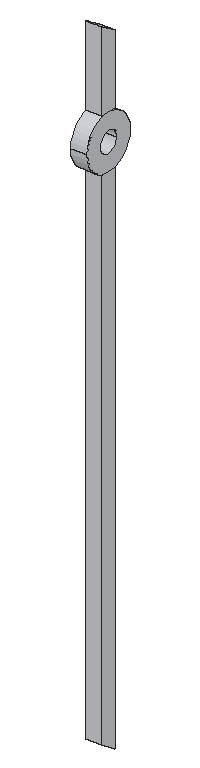
Revit family "8477f9720f1e4312987e4c634149ab6c", category Balusters, Revit 2021
Family settings
  OmniClass Number = 23.30.80.11.11.14
  OmniClass Title = Posts, Newel Posts, Pickets
  Seek Item ID = Baluster - Custom2-0000-USA-ENU
  Always vertical = Yes
  Cut with Voids When Loaded = No
  Shared = No
Parameters (values of type "3/4"")
  built-in parameter 1008623 [instance] = 32.47°
  built-in parameter 1008625 [instance] = (empty or 0)
  Post = no
  Width = 0' - 0 3/4"
  built-in parameter 1008624 [instance] = 32.47°
  Baluster Material = none
  built-in parameter 1008622 [instance] = 2' - 6"
Types (3): name | Width
  (no name) | 0' - 0 3/4"
  1" | 0' - 1"
  3/4" | 0' - 0 3/4"
Reference planes (in)
  plane 1 "Center F/B": y = 0
  plane 2: z = 0
  plane 3 "Center L/R": x = 0
  plane 4 "Top": z = 30
  plane 5 "Top Angle Cut": through (0, 13.58797, 21.35351) normal (0, -0.5369, -0.8437)
  plane 6: z = 39
  plane 7: z = 24
  plane 8: z = 26.5
  plane 9: z = 25.25
  plane 10: z = -9
  plane 11 "Bottom Angle Cut": through (0, 0, 0) normal (0, -0.5369, -0.8437)
  plane 12: y = 2
  plane 13: x = 2
  plane 14: y = -2
  plane 15: x = -2
Forms (in)
  Extrusion 1, solid, material <- "Baluster Material"
    sketch origin (0, 0, 0) x (1, 0, 0) y (0, 1, 0)
      loop
        line (-0.375, 0.375) -> (-0.375, -0.375) -> (0.375, -0.375) -> (0.375, 0.375) -> (-0.375, 0.375)
    from 26.5 to 39
  Extrusion 2, void
    sketch origin (0, 0, 0) x (0, 1, 0) y (0, 0, 1)
      loop
        line (-2, 39) -> (-2, 31.27267) -> (2, 28.72733) -> (2, 39) -> (-2, 39)
    from -2 to 2
  Extrusion 3, solid, material <- "Baluster Material"
    sketch origin (0, 0, 0) x (1, 0, 0) y (0, 1, 0)
      loop
        line (-0.375, 0.375) -> (-0.375, -0.375) -> (0.375, -0.375) -> (0.375, 0.375) -> (-0.375, 0.375)
    from -9 to 24
  Extrusion 4, solid, material <- "Baluster Material"
    sketch origin (0, 0, 0) x (0, 1, 0) y (0, 0, 1)
      loop
        circle (0, 25.25) r 1.25
      loop
        circle (0, 25.25) r 0.5
    from -0.375 to 0.375
  Extrusion 5, void
    sketch origin (0, 0, 0) x (0, 1, 0) y (0, 0, 1)
      loop
        line (-2, -9) -> (2, -9) -> (2, -1.27267) -> (-2, 1.27267) -> (-2, -9)
    from -2 to 2
Cuts and joins
  Extrusion 2, Extrusion 5 cuts Extrusion 1
  Extrusion 5 cuts Extrusion 3
  Extrusion 5 cuts Extrusion 4
Dimensions and locks (in)
  "built-in parameter 1008622": plane 2 to plane 4 "Top"
  locked: plane 4 "Top" to plane 6 at 9
  equal spacing: Extrusion 1 sketch curve, plane 3 "Center L/R", Extrusion 1 sketch curve
  equal spacing: Extrusion 1 sketch curve, plane 1 "Center F/B", Extrusion 1 sketch curve
  "Width": Extrusion 1 sketch curve to Extrusion 1 sketch curve  (x2)
  Extrusion 3 sketch curve to Extrusion 3 sketch curve = 0' - 0 3/4"  (x2)
  "Width": Extrusion 3 sketch curve to Extrusion 3 sketch curve  (x2)
  locked: plane 7 to plane 8 at 2.5
  equal spacing: plane 7, plane 9, plane 8
  locked: plane 7 to plane 4 "Top" at 6
  locked: level to plane 10 at 9
  locked: plane 15 to plane 3 "Center L/R" at 2
  locked: plane 3 "Center L/R" to plane 13 at 2
  locked: plane 1 "Center F/B" to plane 12 at 2
  locked: plane 14 to plane 1 "Center F/B" at 2
  "built-in parameter 1008623": angle plane 4 "Top" to plane 5 "Top Angle Cut"
  "built-in parameter 1008624": angle level to plane 11 "Bottom Angle Cut"
  aligned and locked: Extrusion 1 to plane 6
  aligned and locked: Extrusion 3 to plane 7
  aligned and locked: plane 8 to Extrusion 1
  aligned and locked: Extrusion 4 to cut or joined group of Extrusion 1, Extrusion 2, Extrusion 5  (x2)
  aligned and locked: Extrusion 2 to plane 13
  aligned and locked: plane 15 to Extrusion 2
  aligned and locked: Extrusion 2 sketch curve to plane 12
  aligned and locked: Extrusion 2 sketch curve to plane 14
  aligned and locked: plane 6 to Extrusion 2 sketch curve
  aligned and locked: Extrusion 2 sketch curve to plane 5 "Top Angle Cut"
  aligned and locked: plane 10 to Extrusion 5 sketch curve
  aligned and locked: Extrusion 5 sketch curve to plane 12
  aligned and locked: plane 14 to Extrusion 5 sketch curve
  aligned and locked: Extrusion 5 sketch curve to plane 11 "Bottom Angle Cut"
  aligned and locked: plane 10 to Extrusion 3
  aligned and locked: plane 15 to Extrusion 5
  aligned and locked: Extrusion 5 to plane 13
Automatic sketch dimensions
  Extrusion 3 sketch curve to plane 3 "Center L/R" = 0' - 0 3/8"
  plane 1 "Center F/B" to Extrusion 3 sketch curve = 0' - 0 3/8"
  Extrusion 4 sketch curve to plane 9 = 0' - 0"  (x2)
  Extrusion 4 sketch curve to plane 1 "Center F/B" = 0' - 0"  (x2)
  plane 1 "Center F/B" to Extrusion 4 sketch curve = 0' - 0 1/2"
  Extrusion 4 sketch curve to Extrusion 4 sketch curve = 0' - 0 3/4"
